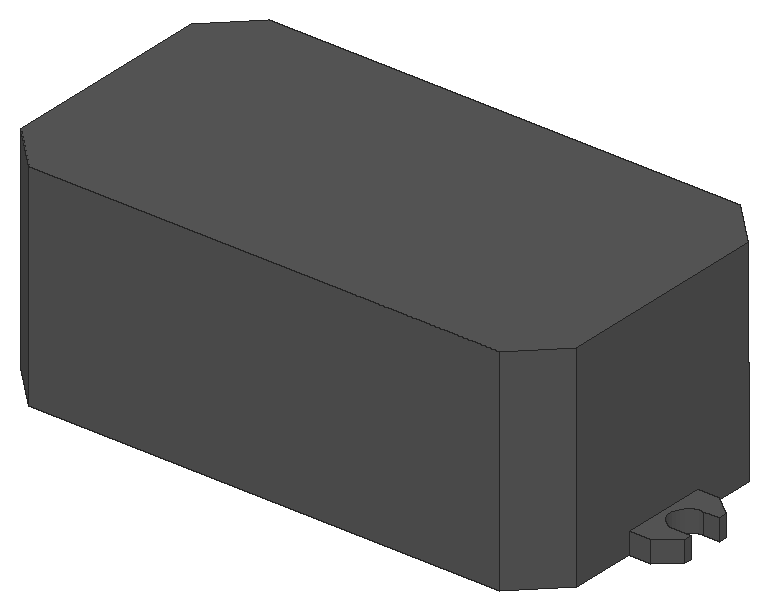
Revit family "Electrical_Equipment-HCS-Emergency_Lighting_Controls-Relay", category Electrical Equipment, host Face, Revit 2021
Family settings
  Host = Face
  Round Connector Dimension = Use Diameter
  Part Type = Equipment Switch
  OmniClass Number = 23.80.40.14
  OmniClass Title = Circuit Breakers
  Cut with Voids When Loaded = No
  Shared = No
  Room Calculation Point = No
Parameters (values of type "UL924")
  Wires = "7”, 105° C, 600V Rated"  # constant formula
  Warranty = "Five years"  # constant formula
  Voltage Input = 120 V
  Voltage = "120V"  # constant formula
  URL = "https://www.currentlighting.com/nxlightingcontrols"
  Type Comments = "Electrical Equipment"  # constant formula
  Product Page URL = ""
  Product Material = Black
  Product Documentation Link = ""
  Power Factor = 1
  Operating Temperature = "32° to 140°F (0° to 60°C)"  # constant formula
  Operating Environment = "Indoor use only"  # constant formula
  Number of Poles = 1
  Model = "UL924"  # constant formula
  Manufacturer = " NX Lighting Controls"  # constant formula
  Humidity = "0% to 90% non condensing \r\nrelative humidity"  # constant formula
  Load Classification = Power
  Keynote = ""
  Housing Rating = "Plenum, NEMA 1"  # constant formula
  Frequency = 60 Hz
  Flame Rating = "UL94V-0"  # constant formula
  Description = "UL924 Enclosed 20 AMP Emergency Lighting Control Relay"  # constant formula
  Default Elevation = 0.000"
  Copyright = "Copyright ©  NX Lighting Controls"  # constant formula
  Contact Us = ""
  Connector Description 2 = "Controls"  # constant formula
  Connector Description 1 = "Direct Current Power Supply"  # constant formula
  Certifications = "UL Listed, UL924"  # constant formula
  Apparent Load = 0.800 VA
Reference planes (in)
  plane 1 "Center (Front/Back)": y = 0
  plane 2 "Bottom": z = 0
  plane 3 "Center (Left/Right)": x = 0
  plane 4: y = 0.875
  plane 5: y = -0.875
  plane 6: x = 1.875
  plane 7: x = -1.875
  plane 8: x = -1.625
  plane 9: x = 1.625
  plane 10: z = 1.25
  plane 11: y = 0.25
  plane 12: y = -0.25
  plane 13: z = 0.125
  plane 14: through (-1.22257, 1.02743, 48) normal (0.7071, -0.7071, 0)
  plane 15: through (1.18934, 1.06066, 48) normal (0.7071, 0.7071, 0)
  plane 16: through (-1.80707, -0.44293, 48) normal (0.7071, 0.7071, 0)
  plane 17: through (1.12483, -1.12517, 48) normal (-0.7071, 0.7071, 0)
Forms (in)
  Extrusion 1, solid, material "Black" <- "Product Material"
    sketch origin (0, 0, 0) x (1, 0, 0) y (0, 1, 0)
      loop
        line (-1.375, 0.875) -> (-1.625, 0.625) -> (-1.625, -0.625) -> (-1.375, -0.875) -> (1.375, -0.875) -> (1.625, -0.625) -> (1.625, 0.625) -> (1.375, 0.875) -> (-1.375, 0.875)
    from 0 to 1.25
  Extrusion 2, solid, material "Black" <- "Product Material", detail levels medium+fine
    sketch origin (0, 0, 0) x (1, 0, 0) y (0, 1, 0)
      loop
        line (-1.75498, 0.25) -> (-1.875, 0.14929) -> (-1.875, 0.10525) -> (-1.77538, 0.10525)
        arc (-1.77538, 0.10525) -> (-1.67013, 0) -> (-1.77538, -0.10525) r 0.10525
        line (-1.77538, -0.10525) -> (-1.875, -0.10525) -> (-1.875, -0.14929) -> (-1.75498, -0.25) -> (-1.625, -0.25) -> (-1.625, 0.25) -> (-1.75498, 0.25)
      loop
        line (1.75498, 0.25) -> (1.625, 0.25) -> (1.625, -0.25) -> (1.75498, -0.25) -> (1.875, -0.14929) -> (1.875, -0.10525) -> (1.77538, -0.10525)
        arc (1.77538, -0.10525) -> (1.67013, 0) -> (1.77538, 0.10525) r 0.10525
        line (1.77538, 0.10525) -> (1.875, 0.10525) -> (1.875, 0.14929) -> (1.75498, 0.25)
    from 0 to 0.125
Lines and regions (in)
  symbolic lines
    curve 1: line (-1.625, 0.875, 0) -> (1.625, 0.875, 0)
    curve 2: line (-1.625, -0.875, 0) -> (-1.625, 0.875, 0)
    curve 3: line (1.625, -0.875, 0) -> (-1.625, -0.875, 0)
    curve 4: line (1.625, 0.875, 0) -> (1.625, -0.875, 0)
    curve 5: line (-1.625, 0, 1.25) -> (1.625, 0, 1.25)
    curve 6: line (-1.625, 0, 0) -> (-1.625, 0, 1.25)
    curve 7: line (1.625, 0, 0) -> (-1.625, 0, 0)
    curve 8: line (1.625, 0, 1.25) -> (1.625, 0, 0)
    curve 9: line (0, 0.875, 1.25) -> (0, -0.875, 1.25)
    curve 10: line (0, 0.875, 0) -> (0, 0.875, 1.25)
    curve 11: line (0, -0.875, 0) -> (0, 0.875, 0)
    curve 12: line (0, -0.875, 1.25) -> (0, -0.875, 0)
Dimensions and locks (in)
  equal spacing: plane 4, plane 1 "Center (Front/Back)", plane 5
  equal spacing: plane 7, plane 3 "Center (Left/Right)", plane 6
  equal spacing: plane 8, plane 3 "Center (Left/Right)", plane 9
  locked: plane 10 to plane 2 "Bottom" at 1.25
  equal spacing: plane 11, plane 1 "Center (Front/Back)", plane 12
  locked: plane 13 to plane 2 "Bottom" at 0.125
  aligned and locked: plane 2 "Bottom" to host face
  aligned and locked: level to host face
  aligned and locked: Extrusion 1 sketch curve to plane 4
  aligned and locked: Extrusion 1 sketch curve to plane 8
  aligned and locked: Extrusion 1 sketch curve to plane 5
  aligned and locked: Extrusion 1 sketch curve to plane 9
  aligned and locked: Extrusion 1 to plane 2 "Bottom"
  aligned and locked: plane 10 to Extrusion 1
  aligned and locked: Extrusion 2 sketch curve to plane 11
  aligned and locked: Extrusion 2 sketch curve to plane 12
  aligned and locked: plane 8 to Extrusion 2 sketch curve
  aligned and locked: Extrusion 2 sketch curve to plane 9
  aligned and locked: plane 6 to Extrusion 2 sketch curve  (x2)
  aligned and locked: plane 11 to Extrusion 2 sketch curve
  aligned and locked: plane 12 to Extrusion 2 sketch curve
  aligned and locked: plane 13 to Extrusion 2
  aligned and locked: Extrusion 2 to plane 2 "Bottom"
  aligned and locked: curve 1 to plane 4
  aligned and locked: curve 2 to plane 8
  aligned and locked: curve 3 to plane 5
  aligned and locked: curve 4 to plane 9
  aligned and locked: plane 10 to curve 9
  aligned and locked: plane 4 to curve 10
  aligned and locked: plane 14 to Extrusion 1 sketch curve
  aligned and locked: plane 15 to Extrusion 1 sketch curve
  aligned and locked: plane 16 to Extrusion 1 sketch curve
  aligned and locked: plane 17 to Extrusion 1 sketch curve
Automatic sketch dimensions
  host sketch curve to host sketch curve = 96.000"  (x2)
  Extrusion 2 sketch curve to plane 7 = 0.000"  (x2)
  plane 1 "Center (Front/Back)" to Extrusion 2 sketch curve = 0.000"  (x2)
  Extrusion 2 sketch curve to plane 7 = 0.09962"
  Extrusion 2 sketch curve to plane 7 = 0.12002"  (x2)
  Extrusion 2 sketch curve to plane 6 = 0.12002"  (x2)
  Extrusion 2 sketch curve to Extrusion 2 sketch curve = 0.09962"
  Extrusion 2 sketch curve to plane 12 = 0.10071"  (x2)
  Extrusion 2 sketch curve to Extrusion 2 sketch curve = 0.10525"
  plane 1 "Center (Front/Back)" to Extrusion 2 sketch curve = 0.10525"
  Extrusion 2 sketch curve to Extrusion 2 sketch curve = 0.04404"  (x2)
  curve 9 to plane 5 = 0.000"
  curve 11 to level = 0.000"
  curve 7 to level = 0.000"
  plane 8 to curve 7 = 0.000"
  curve 7 to plane 9 = 0.000"
  curve 6 to plane 10 = 0.000"
Connectors (in)
  electrical at (0, 0, 0), driven by "Load Classification", driven by "Voltage Input", driven by "Apparent Load", driven by "Power Factor", driven by "Connector Description 1"
    settings: on Extrusion 1, index 1, voltage 120 V, apparent load 0.800 VA, apparent load phase1 0.000 VA, apparent load phase2 0.000 VA, apparent load phase3 0.000 VA, power factor 1, load classification "Power", number of poles 1, system type 30, power factor state 1, is connector primary yes, connector utility no, sub classification motor no, connector description "Direct Current Power Supply"
